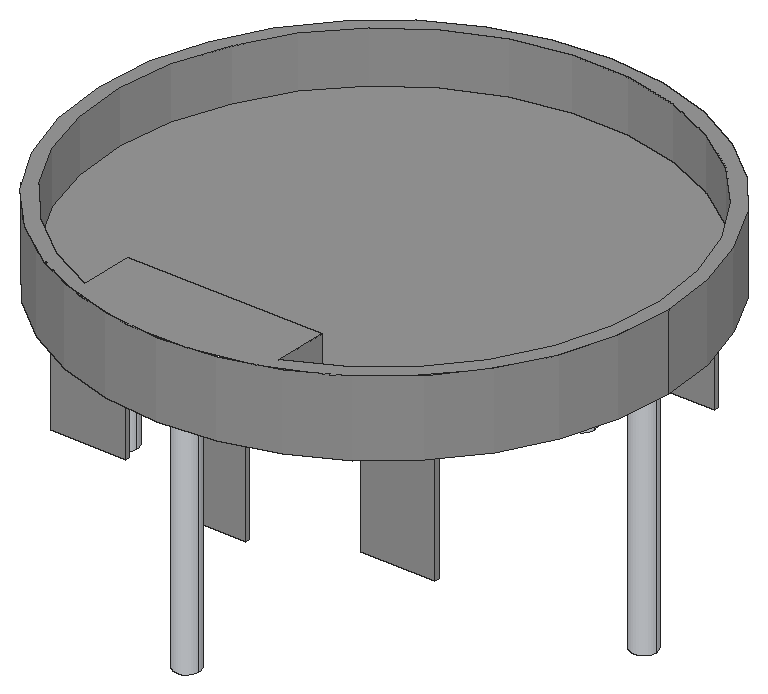
Revit family "Nivellierbare Kassette mit Schnurauslass, RKSR, 20-25, 7", category Generic Models, Revit 2015
Parameters (values of type "RKS2 R7 M25")
  URL = "http://www.obo-bettermann.com"
  Material = Brass, Soft Yellow, Welded
  Manufacturer Art.No. = "7409264"
  Manufacturer = "OBO Bettermann"
  HeightCalc = if(Height < 110 mm, 110 mm, (if(Height > 155 mm, 155 mm, Height)))  # 150 mm
  Height 1 = 36.5 mm
  Height = 150 mm
  GTIN = "4012195867456"
  Diameter 1 = 265.6 mm
  Diameter = 274 mm
  Cut depth = 25 mm
  Article Type = "RKS2 R7 M25"
Types (5, lengths in mm): name | Material | Manufacturer Art.No. | GTIN | Cut depth | Article Type
  (no name) | Brass, Soft Yellow, Welded | "7409264" | "4012195867456" | 25 | "RKS2 R7 M25"
  RKS2 R7 V20 | Stainless Steel, Polished | "7409268" | "4012195867470" | 20 | "RKS2 R7 V20"
  RKS2 R7 V25 | Stainless Steel | "7409270" | "4012195867487" | 25 | "RKS2 R7 V25"
  RKS2 R7 M20 | Brass, Soft Yellow, Welded | "7409262" | "4012195867418" | 20 | "RKS2 R7 M20"
  RKS2 R7 M25 | Brass, Soft Yellow, Welded | "7409264" | "4012195867456" | 25 | "RKS2 R7 M25"
Reference planes
  plane 1 "Center (Front/Back)": y = 0
  plane 2: z = 0
  plane 3 "Center (Left/Right)": x = 0
  plane 4: z = 113.5
  plane 5: y = 99.5
  plane 6: y = -99.5
  plane 7: z = 150
  plane 8: z = 54.7
  plane 9: z = 125
Forms (mm)
  Extrusion 1, solid
    sketch origin (0, 0, 0) x (1, 0, 0) y (0, 1, 0)
      loop
        circle (0, 119) r 6
      loop
        circle (0, -119) r 6
      loop
        circle (-125, 0) r 6
      loop
        circle (125, 0) r 6
    from 0 to 113.5
  Extrusion 2, solid, material "Brass, Soft Yellow, Welded" <- "Material"
    sketch origin (0, 0, 0) x (1, 0, 0) y (0, 1, 0)
      loop
        line (56.5, 85) -> (56.5, 83) -> (92.5, 83) -> (92.5, 85) -> (56.5, 85)
      loop
        line (-92.5, 85) -> (-92.5, 83) -> (-56.5, 83) -> (-56.5, 85) -> (-92.5, 85)
      loop
        line (-18, 106) -> (-18, 104) -> (18, 104) -> (18, 106) -> (-18, 106)
      loop
        line (56.5, -83) -> (56.5, -85) -> (92.5, -85) -> (92.5, -83) -> (56.5, -83)
      loop
        line (-92.5, -83) -> (-92.5, -85) -> (-56.5, -85) -> (-56.5, -83) -> (-92.5, -83)
      loop
        line (-18, -104) -> (-18, -106) -> (18, -106) -> (18, -104) -> (-18, -104)
    from 54.7 to 113.5
  Extrusion 3, solid, material "Brass, Soft Yellow, Welded" <- "Material"
    sketch origin (0, 0, 0) x (1, 0, 0) y (0, 1, 0)
      loop
        circle (0, 0) r 137
    from 113.5 to 150
  Extrusion 4, void
    sketch origin (0, 0, 0) x (1, 0, 0) y (0, 1, 0)
      loop
        line (-46.5, -121.844) -> (-46.5, -96) -> (46.5, -96) -> (46.5, -121.844)
        arc (46.5, -121.844) -> (0, 130.383) -> (-46.5, -121.844) r 130.4
    from 125 to 150
Cuts and joins
  Extrusion 4 cuts Extrusion 1
  Extrusion 4 cuts Extrusion 2
  Extrusion 4 cuts Extrusion 3
Dimensions and locks
  "HeightCalc": plane 7 to level
  "Height 1": plane 7 to plane 4
  locked: plane 4 to plane 8 at 58.8
  "Cut depth": plane 7 to plane 9
  locked: plane 5 to plane 6 at 199
  equal spacing: plane 5, plane 1 "Center (Front/Back)", plane 6, locked at 99.5 each
  locked: plane 1 "Center (Front/Back)" to Extrusion 1 sketch curve at 119
  locked: Extrusion 1 sketch curve to plane 1 "Center (Front/Back)" at 119
  locked: Extrusion 1 sketch curve to plane 3 "Center (Left/Right)" at 125
  locked: plane 3 "Center (Left/Right)" to Extrusion 1 sketch curve at 125
  locked: Extrusion 2 sketch curve to Extrusion 2 sketch curve at 36  (x6)
  locked: Extrusion 2 sketch curve to Extrusion 2 sketch curve at 2  (x6)
  locked: Extrusion 2 sketch curve to Extrusion 2 sketch curve at 113  (x2)
  equal spacing: Extrusion 2 sketch curve, plane 3 "Center (Left/Right)", Extrusion 2 sketch curve, locked at 56.5 each  (x2)
  locked: Extrusion 2 sketch curve to plane 1 "Center (Front/Back)" at 83  (x2)
  equal spacing: Extrusion 2 sketch curve, plane 3 "Center (Left/Right)", Extrusion 2 sketch curve, locked at 18 each  (x2)
  locked: plane 1 "Center (Front/Back)" to Extrusion 2 sketch curve at 104
  locked: Extrusion 2 sketch curve to plane 1 "Center (Front/Back)" at 104
  locked: Extrusion 4 sketch curve to Extrusion 4 sketch curve at 93
  equal spacing: Extrusion 4 sketch curve, plane 3 "Center (Left/Right)", Extrusion 4 sketch curve, locked at 46.5 each
  locked: Extrusion 3 to Extrusion 4 sketch curve at 41
  "Diameter": diameter of Extrusion 3 sketch curve
  diameter of Extrusion 1 sketch curve = 12 mm  (x4)
  radius of Extrusion 4 sketch curve = 130.4 mm
  aligned and locked: level to plane 2
  aligned and locked: plane 4 to Extrusion 1
  aligned and locked: Extrusion 1 to Extrusion 2
  aligned and locked: Extrusion 2 to plane 8
  aligned and locked: Extrusion 3 to Extrusion 1
  aligned and locked: plane 7 to Extrusion 3
  aligned and locked: Extrusion 2 sketch curve to Extrusion 2 sketch curve  (x2)
  aligned and locked: cut or joined group of Extrusion 3, Extrusion 4 to Extrusion 4
  aligned and locked: Extrusion 4 to plane 9
Automatic sketch dimensions
  Extrusion 1 sketch curve to plane 3 "Center (Left/Right)" = 0 mm  (x2)
  plane 1 "Center (Front/Back)" to Extrusion 1 sketch curve = 0 mm  (x2)
  plane 1 "Center (Front/Back)" to Extrusion 3 sketch curve = 0 mm
  Extrusion 3 sketch curve to plane 3 "Center (Left/Right)" = 0 mm
  Extrusion 4 sketch curve to plane 3 "Center (Left/Right)" = 0 mm
  plane 1 "Center (Front/Back)" to Extrusion 4 sketch curve = 0.017 mm
